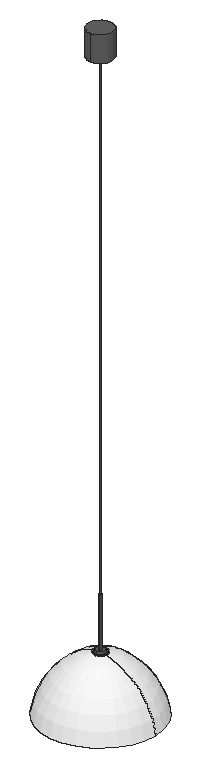
Revit family "Justerbar Lab Pendle_Kolbe_Moon", category Lighting Fixtures, Revit 2021
Family settings
  Round Connector Dimension = Use Diameter
  Part Type = Normal
  OmniClass Number = 23.80.70.00
  OmniClass Title = Lighting
  Work Plane-Based = No
  Always vertical = Yes
  Cut with Voids When Loaded = No
  Light Source = Yes
  Shared = No
  Room Calculation Point = No
Parameters
  Wattage = 9.2903 W
  built-in parameter 1150110 = 1 (stored number, unit not read)
  built-in parameter 1114217 = 1 (stored number, unit not read)
  built-in parameter 1150109 = 1 (stored number, unit not read)
  built-in parameter 1150134 = (empty or 0)
  built-in parameter 1150113 = 1 (stored number, unit not read)
  Spredning = "120"
  MacAdams = "< 3 SCDM"
  Lyskilde = "LED"
  Lumens = 1380 lm
  built-in parameter 1150115 = 1 (stored number, unit not read)
  built-in parameter 1150105 = 109.82 (stored number, unit not read)
  Lumen = "660lm"
  Light Source Symbol Size = 609.6 mm
  built-in parameter 1150137 = (empty or 0)
  built-in parameter 1150139 = (empty or 0)
  Levetid = "L70 50.000 timer"
  Level Heigth [instance] = 4000 mm
  built-in parameter 1150112 = 1 (stored number, unit not read)
  built-in parameter 1150114 = 1 (stored number, unit not read)
  Kjøle metode = "Passiv"
  built-in parameter 1150132 = 2
  built-in parameter 1150102 = (empty or 0)
  built-in parameter 1150138 = (empty or 0)
  built-in parameter 1150107 = 3000 (stored number, unit not read)
  built-in parameter 1150106 = 1.0982 (stored number, unit not read)
  Frekvens Sekundærkilde = "1000 Hz"
  Frekvens = "50-60 Hz"
  Floor thickness [instance] = 300 mm
  Fargetemperatur = "2700K, 3000K,eller DW"
  Farger = "Sort"
  built-in parameter 1150104 = 13.8 (stored number, unit not read)
  Effekt = "6W"
  Driftspenning = "220-240V"
  Dist.floor [instance] = 1500 mm
  Dimming Lamp Color Temperature Shift = <None>
  Dimbar = "Dali eller Triac"
  Default Elevation = 0 mm
  Color Filter = 16777215
  CRI = ">90"
  Beskyttelsesgrad = "IP20"
  built-in parameter 1114218 = 1 (stored number, unit not read)
  built-in parameter 1150133 = 10 (stored number, unit not read)
Reference planes
  plane 1 "Light Source Axis (F/B)": y = 0
  plane 2: z = 0
  plane 3 "Light Source Axis (L/R)": x = 0
  plane 4 "Light Source Elevation": z = 1542.097
  plane 5: z = 4000
  plane 6: z = 1883.097
  plane 7: z = 3700
  plane 8: z = 3610
  plane 9: z = 3603
  plane 10: z = 1699.097
  plane 11: z = 1500
Forms (mm)
  Extrusion 1, solid, material "Default New Material"
    sketch origin (0, 0, 620.212) x (0, 1, 0) y (-1, 0, 0)
      loop
        circle (0, 0) r 42.5
    from 2989.788 to 3079.788
  Extrusion 2, solid, material "Default New Material"
    sketch origin (0, 0, 620.212) x (0, 1, 0) y (-1, 0, 0)
      loop
        circle (0, 0) r 6
    from 2982.788 to 2989.788
  Extrusion 3, solid, material "Default New Material"
    sketch origin (0, 0, 620.212) x (0, 1, 0) y (-1, 0, 0)
      loop
        circle (0, 0) r 2.031
    from 1262.885 to 2982.788
  Revolve 4, solid, material "Pendel hvit"
    sketch origin (0, 0, -2210.005) x (1, 0, 0) y (0, 0, 1)
      loop
        arc (25, 3909.102) -> (25.644, 3908.514) -> (26.429, 3908.135) r 3.01
        arc (26.429, 3908.135) -> (139.323, 3834.188) -> (196.843, 3712.104) r 248.227
        arc (196.843, 3712.104) -> (197.192, 3711.025) -> (197.689, 3710.005) r 8.093
        arc (197.689, 3710.005) -> (139.883, 3834.307) -> (25, 3909.102) r 248.727
      axis (0, 3710.005) -> (0, 3909.102)
    angle from 0 to 360
Lines and regions (mm)
  reference lines
    curve 1: line (0, 0, 1513.89) -> (180, 0, 1513.89)
Dimensions and locks
  "Floor thickness": plane 5 to plane 7
  locked: plane 7 to plane 8 at 90
  locked: plane 8 to plane 9 at 7
  locked: plane 6 to plane 10 at 184
  locked: plane 10 to plane 4 "Light Source Elevation" at 157
  locked: plane 4 "Light Source Elevation" to plane 11 at 42.097
  "Level Heigth": plane 5 to plane 2
  "Dist.floor": plane 11 to plane 2
  aligned and locked: plane 3 "Light Source Axis (L/R)" to imposter light
  aligned and locked: plane 1 "Light Source Axis (F/B)" to imposter light
  aligned and locked: level to plane 2
  aligned and locked: plane 7 to Extrusion 1
  aligned and locked: plane 8 to Extrusion 1
  aligned and locked: plane 9 to Extrusion 2
  aligned and locked: plane 8 to Extrusion 2
  aligned and locked: plane 6 to nested 2
  aligned and locked: Extrusion 3 to plane 6
  aligned and locked: plane 9 to Extrusion 3
  aligned and locked: plane 10 to nested 2
  aligned and locked: plane 10 to Revolve 4
  aligned and locked: plane 11 to Revolve 4
  aligned and locked: imposter light to plane 4 "Light Source Elevation"
Automatic sketch dimensions
  plane 1 "Light Source Axis (F/B)" to Extrusion 1 sketch curve = 0 mm
  Extrusion 1 sketch curve to plane 3 "Light Source Axis (L/R)" = 0 mm
  plane 1 "Light Source Axis (F/B)" to Extrusion 2 sketch curve = 0 mm
  Extrusion 2 sketch curve to plane 3 "Light Source Axis (L/R)" = 0 mm
  plane 1 "Light Source Axis (F/B)" to Extrusion 3 sketch curve = 0 mm
  Extrusion 3 sketch curve to plane 3 "Light Source Axis (L/R)" = 0 mm
  curve 1 to plane 3 "Light Source Axis (L/R)" = 0 mm
  plane 11 to curve 1 = 13.89 mm
  plane 3 "Light Source Axis (L/R)" to curve 1 = 180 mm
  Revolve 4 sketch curve to Revolve 4 sketch curve = 0 mm  (x3)
  Revolve 4 sketch curve to plane 3 "Light Source Axis (L/R)" = 0 mm
  Revolve 4 sketch curve to plane 10 = 0 mm
  Revolve 4 sketch curve to plane 11 = 0 mm
  Revolve 4 sketch curve to plane 3 "Light Source Axis (L/R)" = 48.013 mm
  plane 10 to Revolve 4 sketch curve = 1.904 mm
  plane 3 "Light Source Axis (L/R)" to Revolve 4 sketch curve = 27.332 mm
  plane 11 to Revolve 4 sketch curve = 4.047 mm
  plane 3 "Light Source Axis (L/R)" to Revolve 4 sketch curve = 204.698 mm
  Revolve 4 sketch curve to plane 11 = 38.672 mm
  Revolve 4 sketch curve to Revolve 4 sketch curve = 2.332 mm
  Revolve 4 sketch curve to level = 2448.331 mm
  plane 5 to Revolve 4 sketch curve = 582.087 mm
  radius of Extrusion 1 sketch curve = 42.5 mm
  radius of Extrusion 2 sketch curve = 6 mm
  radius of Extrusion 3 sketch curve = 2.031 mm
Nested families
  nested 1: "2D tegn" at (0, 0, 0), type "2D tegn"
  nested 2: "Family1" at (0, 0, 42.097), type "Family1"
Definition of nested family "Family1"
  Parameters
    Wattage = 9.2903 W
    built-in parameter 1150110 = 1 (stored number, unit not read)
    built-in parameter 1114217 = 1 (stored number, unit not read)
    built-in parameter 1150109 = 1 (stored number, unit not read)
    built-in parameter 1150134 = (empty or 0)
    built-in parameter 1150113 = 1 (stored number, unit not read)
    Lumens = 1380 lm
    built-in parameter 1150115 = 1 (stored number, unit not read)
    built-in parameter 1150105 = 109.82 (stored number, unit not read)
    Light Source Symbol Size = 609.6 mm
    built-in parameter 1150137 = (empty or 0)
    built-in parameter 1150139 = (empty or 0)
    built-in parameter 1150112 = 1 (stored number, unit not read)
    built-in parameter 1150114 = 1 (stored number, unit not read)
    built-in parameter 1150132 = 2
    built-in parameter 1150102 = (empty or 0)
    built-in parameter 1150138 = (empty or 0)
    built-in parameter 1150107 = 3000 (stored number, unit not read)
    built-in parameter 1150106 = 1.0982 (stored number, unit not read)
    built-in parameter 1150104 = 13.8 (stored number, unit not read)
    Dimming Lamp Color Temperature Shift = (empty or 0)
    Default Elevation = 0 mm
    Color Filter = 16777215
    built-in parameter 1114218 = 1 (stored number, unit not read)
    built-in parameter 1150133 = 10 (stored number, unit not read)
  Reference planes
    plane 1 "Light Source Axis (F/B)": y = 0
    plane 2: z = 0
    plane 3 "Light Source Axis (L/R)": x = 0
    plane 4 "Light Source Elevation": z = 1500
    plane 5: z = 1499.864
  Forms (mm)
    Extrusion 1, solid
      sketch origin (0, 0, 2092) x (0, 1, 0) y (-1, 0, 0)
        loop
          circle (0, 0) r 3.032
      from -428 to -251
    Extrusion 2, solid
      sketch origin (0, 0, 2092) x (0, 1, 0) y (-1, 0, 0)
        loop
          circle (0, 0) r 15
      from -435 to -428
    Revolve 3, solid
      sketch origin (0, 0, -1908) x (1, 0, 0) y (0, 0, 1)
        loop
          line (25, 3565) -> (21.832, 3565) -> (0, 3565) -> (0, 3533.682) -> (21.832, 3533.682) -> (21.832, 3499) -> (25, 3499) -> (25, 3565)
        axis (0, 3499) -> (0, 3565)
      angle from 0 to 360
    Revolve 4, solid
      sketch origin (0, 0, -1908) x (1, 0, 0) y (0, 0, 1)
        loop
          line (0, 3532.984) -> (0, 3498.964) -> (21.729, 3498.964) -> (21.729, 3532.984) -> (0, 3532.984)
        axis (0, 3498.964) -> (0, 3532.984)
      angle from 0 to 360
    Revolve 5, solid
      sketch origin (0, 0, -1908) x (1, 0, 0) y (0, 0, 1)
        loop
          spline (0, 3380) -> (9.759, 3379.792) -> (18.614, 3380.047) -> (26.567, 3380.763) -> (33.616, 3381.941) -> (39.762, 3383.582) -> (45.006, 3385.684) -> (49.346, 3388.248) -> (52.783, 3391.275) -> (55.317, 3394.763) -> (56.948, 3398.713) -> (57.675, 3403.126) -> (57.5, 3408)
          line (57.5, 3408) -> (21.729, 3499) -> (20.655, 3499) -> (56.479, 3407.864)
          spline (56.479, 3407.864) -> (56.652, 3403.176) -> (55.962, 3398.977) -> (54.415, 3395.235) -> (52.01, 3391.922) -> (48.726, 3389.033) -> (44.536, 3386.564) -> (39.419, 3384.517) -> (33.373, 3382.903) -> (26.405, 3381.735) -> (18.518, 3381.024) -> (9.716, 3380.771) -> (0, 3380.979)
          line (0, 3380.979) -> (0, 3380)
        axis (0, 3380) -> (0, 3499)
      angle from 0 to 360
  Dimensions and locks
    locked: Revolve 5 sketch curve to Revolve 5 sketch curve at 63.955
    locked: Revolve 5 sketch curve to Revolve 5 sketch curve at 120.968
    aligned and locked: plane 3 "Light Source Axis (L/R)" to imposter light
    aligned and locked: plane 1 "Light Source Axis (F/B)" to imposter light
    aligned and locked: plane 4 "Light Source Elevation" to imposter light
    aligned and locked: level to plane 2
    aligned and locked: plane 5 to Revolve 5
    aligned and locked: Extrusion 1 to Extrusion 2
    aligned and locked: Extrusion 2 to Revolve 3
    aligned and locked: Revolve 3 to Revolve 5 sketch curve
Definition of nested family "2D tegn"
  Reference planes
    plane 1: y = 0
    plane 2: x = 0
  Lines and regions (mm)
    detail lines
      curve 1: circle (0, 0, 0) r 5 normal (0, 0, 1)
      curve 2: line (-3.536, -3.536, 0) -> (3.536, 3.536, 0)
      curve 3: line (3.536, -3.536, 0) -> (-3.536, 3.536, 0)
